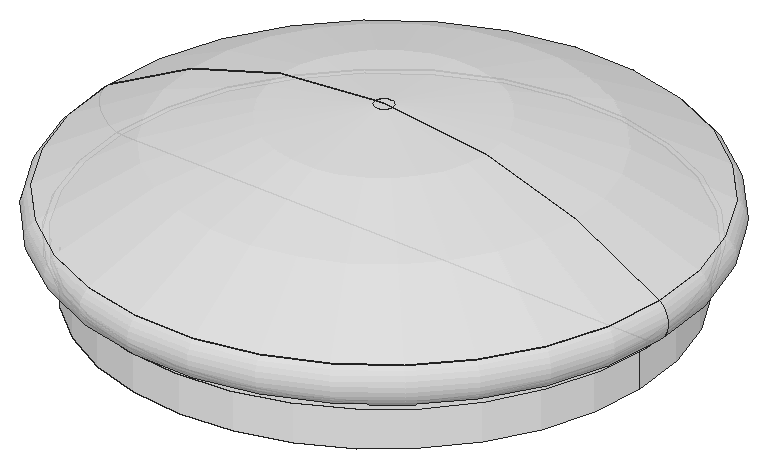
Revit family "0043112 Sylvania Lighting Fixture START ECO SURFACE IP44 1550LM 840", category Lighting Fixtures, host Face, Revit 2016
Family settings
  Host = Face
  Part Type = Normal
  Round Connector Dimension = Use Diameter
  OmniClass Number = 23.80.70.11.17
  OmniClass Title = Specialized Lighting by Location or Use
  Cut with Voids When Loaded = No
  Light Source = Yes
  Shared = No
  Room Calculation Point = No
Parameters (values of type "0043112 START ECO SURFACE IP44 1550LM 840")
  Weight = "kg"
  WarrantyStartDate [instance] = "n/a"
  WarrantyGuarantorParts = "n/a"
  WarrantyDurationUnit = "n/a"
  WarrantyDurationParts = "n/a"
  WarrantyDescription = "n/a"
  Voltage = 230 V
  TypeName = "START ECO SURFACE IP44 1550LM 840"
  SerialNumber [instance] = "n/a"
  Radius_FEILO = 165.0 mm
  Wattage = 17 W
  built-in parameter 1150110 = 1 (stored number, unit not read)
  URL = "http://www.sylvania-lighting.com"
  built-in parameter 1114217 = 1 (stored number, unit not read)
  Tilt Angle = -90°
  built-in parameter 1150109 = 1 (stored number, unit not read)
  built-in parameter 1150134 = 12
  built-in parameter 1150113 = 1 (stored number, unit not read)
  PowerFactor = 0.8
  PowerConsumption = "17 W"
  Photometric Web File = "0043112.ies"
  NominalWidth = 0.0 mm
  NominalLength = 330.0 mm
  NominalHeight = 96.0 mm
  Name = "START ECO SURFACE IP44 1550LM 840"
  ModelReference = "START ECO SURFACE IP44 1550LM 840"
  ModelNumber = "0043112"
  Material_4_FEILO = none
  Material_3_FEILO = Polycarbonate_Sylvania_Sylcircle_Opal
  Material_2_FEILO = Metal_Sylvania_Sylcircle_White
  Material_1_FEILO = none
  Material = "aluminium housing, polycarbonate diffuser"
  ManufacturerName = "Feilo Sylvania"
  LuminousEfficacy = "91 lm/W"
  LuminaireType = ""
  LightOutputRatio = "n/a"
  LampsType = Lamp  # "LED"
  LampNominalLuminous = "1545 lm"
  LampMacAdamStep = "6"
  LampColourTemperature = "4000 K"
  LampColourRenderingIndex = "80"
  Keynote = "16500"
  InstallationDate [instance] = "n/a"
  InputVoltage = "220-240V~"
  InputNominalFrequency = "50 Hz"
  IngressProtection = "IP44"
  ImpactProtectionIndex = "IK03"
  IfcExportType = "IfcLightFixtureType"
  IfcExportAs = "IfcLightFixtureType"
  Height_FEILO = 96.0 mm
  ExpectedLife = 50000
  ElectricShockClassification = "Class I"
  DurationUnit = "hours"
  DocumentationLiterature = "http://www.sylvania-lighting.com/product/en-int/products/0043112"
  DimmingControlOptions = "Non dimmable"
  Diameter_FEILO = 2 * Radius_FEILO  # 330.0 mm
  CreatedOn = "8/8/2018"
  CreatedBy = "@sylvania-lighting.com"
  built-in parameter 1114216 [instance] = 1 (stored number, unit not read)
  Model = "START ECO SURFACE IP44 1550LM 840"
  Manufacturer = "Feilo Sylvania"
  built-in parameter 1150105 = 362.94 (stored number, unit not read)
  Lumens = 1547 lm
  built-in parameter 1150115 = 1 (stored number, unit not read)
  built-in parameter 1150137 = (empty or 0)
  built-in parameter 1150139 = (empty or 0)
  built-in parameter 1150112 = 1 (stored number, unit not read)
  built-in parameter 1150114 = 1 (stored number, unit not read)
  Lamp = "LED"
  built-in parameter 1150132 = 2
  built-in parameter 1150102 = (empty or 0)
  built-in parameter 1150107 = 4000 (stored number, unit not read)
  built-in parameter 1150138 = (empty or 0)
  built-in parameter 1150106 = 3.6294 (stored number, unit not read)
  built-in parameter 1150104 = 8.4542 (stored number, unit not read)
  Dimming Lamp Color Temperature Shift = <None>
  Description = "Ceiling / wall luminaire with integrated LED  Perfect solution for hallways, circulation spaces or foyer.   Even and uniform light distribution with a halo lighting effect on the wall surface    17W 1545 lumens Supplied with LED driver (non-dimmable)    IK03 PMMA diffuser   Low maintenance with 30,000 hours LED life expectancy"
  Default Elevation = 0.0 mm
  Color Filter = 16777215
  built-in parameter 1140040 [instance] = 1
  BarCode [instance] = "n/a"
  built-in parameter 1114218 = 1 (stored number, unit not read)
  built-in parameter 1150133 = 10 (stored number, unit not read)
  AssetType = "Fixed"
  AssetIdentifier [instance] = "n/a"
  Assembly Code = "D5020200"
  Apparent Load = 17 VA
Reference planes
  plane 1 "Center (Front/Back)": y = 0
  plane 2: z = 0
  plane 3 "Center (Left/Right)": x = 0
  plane 4: x = 165
  plane 5: z = 23
  plane 6 "Housing Bottom": z = 27
  plane 7: z = 50
  plane 8 "Fixture Bottom": z = 96
  plane 9: x = 160
  plane 10: x = 155
  plane 11: x = 152
  plane 12: x = 148
Forms (mm)
  Revolve 1, solid, material "Polycarbonate_Sylvania_Sylcircle_Opal" <- "Material_3_FEILO", detail levels fine
    sketch origin (0, 0, 0) x (1, 0, 0) y (0, 0, 1)
      loop
        line (0, 96) -> (0, 27) -> (154.962, 27)
        arc (154.962, 27) -> (164.736, 36.911) -> (160, 50) r 13.044
        arc (160, 50) -> (85.841, 84.257) -> (5, 96) r 284.141
        line (5, 96) -> (0, 96)
      axis (0, 96) -> (0, 27)
    angle from 0 to 360
  Revolve 2, solid, material "Metal_Sylvania_Sylcircle_White" <- "Material_2_FEILO", detail levels fine
    sketch origin (0, 0, 0) x (1, 0, 0) y (0, 0, 1)
      loop
        line (152, 27) -> (0, 27) -> (0, 0) -> (148, 0) -> (148, 23) -> (152, 23) -> (152, 27)
      axis (0, 27) -> (0, 0)
    angle from 0 to 360
  Revolve 3, solid, material "Metal_Sylvania_Sylcircle_White" <- "Material_2_FEILO", detail levels coarse+medium
    sketch origin (0, 0, 0) x (1, 0, 0) y (0, 0, 1)
      loop
        line (0, 96) -> (0, 0) -> (148, 0) -> (148, 23) -> (152, 23) -> (152, 27) -> (154.962, 27)
        arc (154.962, 27) -> (164.736, 36.911) -> (160, 50) r 13.044
        arc (160, 50) -> (85.841, 84.257) -> (5, 96) r 284.141
        line (5, 96) -> (0, 96)
      axis (0, 96) -> (0, 0)
    angle from 0 to 360
Dimensions and locks
  "Height_FEILO": plane 8 "Fixture Bottom" to plane 2
  "Radius_FEILO": plane 4 to plane 3 "Center (Left/Right)"
  plane 6 "Housing Bottom" to plane 5 to plane 2 = 4.0 mm locked, 23.0 mm locked
  plane 4 to plane 9 to plane 10 to plane 11 to plane 12 = 5.0 mm locked, 5.0 mm locked, 3.0 mm locked, 4.0 mm locked
  aligned and locked: plane 2 to host face
  aligned and locked: level to host face
  aligned and locked: plane 1 "Center (Front/Back)" to imposter light
  aligned and locked: plane 3 "Center (Left/Right)" to imposter light
  aligned and locked: Revolve 1 sketch curve to plane 3 "Center (Left/Right)"
  aligned and locked: plane 6 "Housing Bottom" to Revolve 1 sketch curve  (x2)
  aligned and locked: Revolve 1 sketch curve to plane 8 "Fixture Bottom"
  aligned and locked: plane 9 to Revolve 1 sketch curve
  aligned and locked: Revolve 2 sketch curve to plane 6 "Housing Bottom"
  aligned and locked: Revolve 2 sketch curve to plane 11
  aligned and locked: Revolve 2 sketch curve to plane 5
  aligned and locked: Revolve 2 sketch curve to plane 12
  aligned and locked: Revolve 2 sketch curve to plane 2
  aligned and locked: Revolve 2 sketch curve to plane 3 "Center (Left/Right)"  (x2)
  aligned and locked: plane 8 "Fixture Bottom" to imposter light
  aligned and locked: plane 9 to Revolve 3 sketch curve
  aligned and locked: plane 6 "Housing Bottom" to Revolve 3 sketch curve
  aligned and locked: plane 7 to Revolve 3 sketch curve
  aligned and locked: Revolve 3 sketch curve to imposter light
  aligned and locked: Revolve 3 sketch curve to plane 11
  aligned and locked: Revolve 3 sketch curve to plane 2
  aligned and locked: Revolve 3 sketch curve to plane 5
  aligned and locked: Revolve 3 sketch curve to plane 12
Automatic sketch dimensions
  host sketch curve to host sketch curve = 1305.563 mm
  host sketch curve to host sketch curve = 1283.632 mm
  Revolve 1 sketch curve to plane 3 "Center (Left/Right)" = 0.0 mm
  Revolve 1 sketch curve to plane 7 = 0.0 mm
  Revolve 1 sketch curve to plane 10 = 0.038 mm
  plane 3 "Center (Left/Right)" to Revolve 1 sketch curve = 5.0 mm
  Revolve 1 sketch curve to plane 10 = 3.007 mm
  Revolve 1 sketch curve to Revolve 1 sketch curve = 234.06 mm
  Revolve 1 sketch curve to Revolve 1 sketch curve = 2559.943 mm
  Revolve 2 sketch curve to level = 372.274 mm
  plane 8 "Fixture Bottom" to Revolve 2 sketch curve = 2559.943 mm
  Revolve 3 sketch curve to plane 3 "Center (Left/Right)" = 0.0 mm  (x2)
  plane 3 "Center (Left/Right)" to Revolve 3 sketch curve = 5.0 mm
  Revolve 3 sketch curve to plane 10 = 0.038 mm
  Revolve 3 sketch curve to plane 11 = 0.007 mm
  Revolve 3 sketch curve to Revolve 3 sketch curve = 234.06 mm
  Revolve 3 sketch curve to Revolve 3 sketch curve = 2559.943 mm
Connectors
  electrical at (0, 0, 0), driven by "Apparent Load", driven by "Voltage", driven by "PowerFactor"
    settings: on Revolve 2, index 1, voltage 230 V, apparent load 0 VA, apparent load phase1 17 VA, apparent load phase2 0 VA, apparent load phase3 0 VA, power factor 0.8, load classification "Lighting", number of poles 1, system type 31, power factor state 1, is connector primary yes, connector utility no, sub classification motor no, connector description ""
